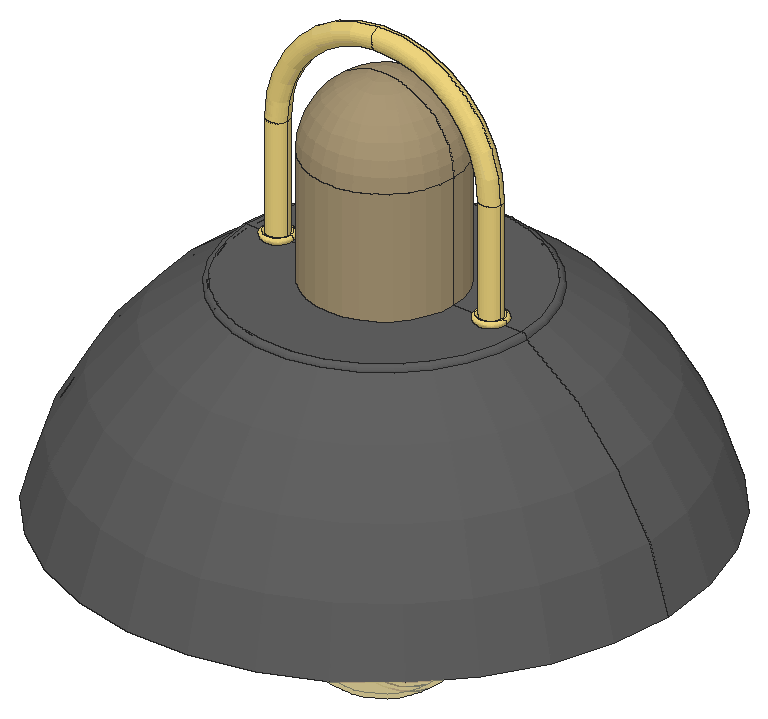
Revit family "D514.WH5.PR3", category Lighting Fixtures, Revit 2024
Family settings
  Round Connector Dimension = Use Diameter
  Part Type = Normal
  OmniClass Number = 23.80.70.00
  OmniClass Title = Lighting
  Work Plane-Based = No
  Always vertical = Yes
  Cut with Voids When Loaded = No
  Light Source = No
  Maintain Annotation Orientation = No
  Shared = No
  Room Calculation Point = No
Parameters
  Default Elevation = 0' - 0"
Reference planes (in)
  plane 1 "Light Source Axis (F/B)": y = 0
  plane 2: z = 0
  plane 3 "Light Source Axis (L/R)": x = 0
  plane 4 "Light Source Elevation": z = 54
Forms (in)
  Revolve 1, solid, material "WOOD"
    sketch origin (0, 0, 16.89899) x (1, 0, 0) y (0, 0, 1)
      loop
        line (0, 46.61661) -> (0, 42.10101) -> (1.7109, 42.10101) -> (1.7109, 44.90571)
        arc (1.7109, 44.90571) -> (1.20979, 46.1155) -> (0, 46.61661) r 1.7109
      axis (0, 46.61661) -> (0, 42.10101)
    angle from 0 to 360
  Revolve 2, solid, material "41"
    sketch origin (0, 0, 0) x (1, 0, 0) y (0, 0, 1)
      loop
        line (0, 59) -> (0, 58.90625) -> (3.375, 58.90625)
        arc (3.375, 58.90625) -> (3.40596, 58.87079) -> (3.36665, 58.84489) r 0.03125
        arc (3.36665, 58.84489) -> (5.64308, 56.79316) -> (6.90402, 54) r 7.46942
        line (6.90402, 54) -> (7, 54)
        arc (7, 54) -> (5.75422, 56.79951) -> (3.5, 58.875) r 7.56317
        arc (3.5, 58.875) -> (3.46339, 58.96339) -> (3.375, 59) r 0.125
        line (3.375, 59) -> (0, 59)
      axis (0, 59) -> (0, 54)
    angle from 0 to 360
  Revolve 3, solid, material "MISC"
    sketch origin (0, 0, 0) x (1, 0, 0) y (0, 0, 1)
      loop
        circle (2.9375, 59.0625) r 0.0625
      axis (2.625, 59.125) -> (2.625, 59)
    angle from 0 to 360
  Sweep 4, solid, material "MISC"
    path origin (0, 0, 0) x (1, 0, 0) y (0, 0, 1)
      loop
        line (2.625, 59) -> (2.625, 61.625)
        arc (2.625, 61.625) -> (1.81419, 63.52219) -> (-0.11735, 64.24738) r 2.625
        arc (-0.11735, 64.24738) -> (-1.89719, 63.43919) -> (-2.625, 61.625) r 2.625
        line (-2.625, 61.625) -> (-2.625, 59)
    profile origin (2.625, 0, 60.3125) x (-1, 0, 0) y (0, -1, 0)
      loop
        circle (0, 0) r 0.25
  Revolve 5, solid, material "MISC"
    sketch origin (0, 0, 0) x (-1, 0, 0) y (0, 0, -1)
      loop
        circle (2.9375, -59.0625) r 0.0625
      axis (2.625, -59.125) -> (2.625, -59)
    angle from 0 to 360
  Revolve 6, solid, material "BULB"
    sketch origin (0, 0, 0) x (1, 0, 0) y (0, 0, 1)
      loop
        line (2, 52) -> (2, 57) -> (1.90625, 57) -> (1.90625, 52)
        arc (1.90625, 52) -> (1.34792, 50.65208) -> (0, 50.09375) r 1.90625
        line (0, 50.09375) -> (0, 50)
        arc (0, 50) -> (1.41421, 50.58579) -> (2, 52) r 2
      axis (0, 57) -> (0, 50)
    angle from 0 to 360
  Revolve 7, solid
    sketch origin (0, 0, 0) x (1, 0, 0) y (0, 0, 1)
      loop
        line (3, 58.84489) -> (2.08427, 58.84489) -> (2.08427, 58.59489) -> (2.08427, 56.59489) -> (2.33427, 56.59489) -> (2.33427, 58.59489) -> (3, 58.59489) -> (3, 58.84489)
      axis (0, 58.84489) -> (0, 56.59489)
    angle from 0 to 360
Dimensions and locks (in)
  aligned and locked: level to plane 2
